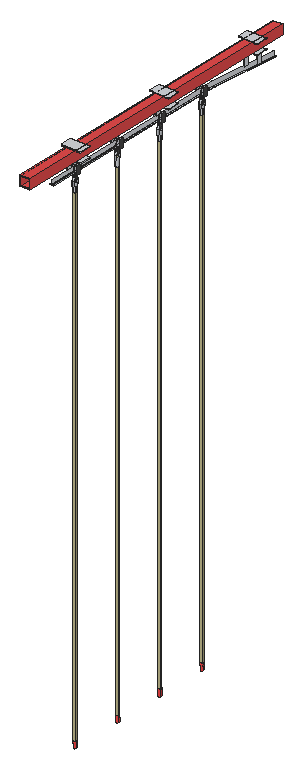
Revit family "Lodlinor", category Generic Models, Revit 2019
Family settings
  Can host rebar = No
  Round Connector Dimension = Use Diameter
  Part Type = Normal
  Work Plane-Based = No
  Always vertical = Yes
  Cut with Voids When Loaded = No
  Shared = No
  Room Calculation Point = No
Parameters (values of type "Saxi Lodlinor 4")
  langd_rep = Height - 590 mm  # 6410 mm
  beam_length = 4000 mm
  URL = "www.saxi.se"
  NO_ROPES = 4
  Model = "Saxi Lodlinor 4"
  Manufacturer = "Saxi Vägg AB"
  Length_straight = 2550 mm
  Height_to_wheel = Height - 120 mm  # 6880 mm
  Height = 7000 mm
  9 = no
  8 = no
  7 = no
  6 = no
  5 = no
  2 = no
  10 = no
Types (8, lengths in mm): name | beam_length | NO_ROPES | Model | Length_straight | 9 | 8 | 7 | 6 | 5 | 10
  (no name) | 4000 | 4 | "Saxi Lodlinor 4" | 2550 | no | no | no | no | no | no
  Saxi Lodlinor 4 | 4000 | 4 | "Saxi Lodlinor 4" | 2550 | no | no | no | no | no | no
  Saxi Lodlinor 5 | 4570 | 5 | "Saxi Lodlinor 5" | 3297 | no | no | no | no | yes | no
  Saxi Lodlinor 6 | 5000 | 6 | "Saxi Lodlinor 6" | 3947 | no | no | no | yes | no | no
  Saxi Lodlinor 7 | 5700 | 7 | "Saxi Lodlinor 7" | 4335 | no | no | yes | no | yes | no
  Saxi Lodlinor 8 | 6500 | 8 | "Saxi Lodlinor 8" | 5026 | no | yes | no | yes | no | no
  Saxi Lodlinor 9 | 7000 | 9 | "Saxi Lodlinor 9" | 5769 | yes | yes | no | yes | no | no
  Saxi Lodlinor 10 | 7500 | 10 | "Saxi Lodlinor 10" | 6366 | no | no | no | yes | no | yes
Reference planes
  plane 1 "Center (Front/Back)": y = 0
  plane 2: z = 0
  plane 3 "Center (Left/Right)": x = 0
Dimensions and locks
  locked: nested 3 to nested 1 at 95
  locked: plane 1 "Center (Front/Back)" to nested 3 at 60
  locked: nested 2 to nested 4 at 1400
  locked: nested 4 to nested 5 at 1000.14
  locked: nested 4 to nested 6 at 1400.264
  locked: nested 5 to nested 7 at 999.952
  locked: nested 6 to nested 8 at 1000.145
  locked: nested 8 to nested 9 at 999.717
  locked: nested 6 to nested 10 at 1399.884
  locked: nested 10 to nested 11 at 1000.092
  locked: nested 14 to level at 388.935
  locked: nested 16 to level at 388.935
  equal spacing: group 1, group 2, group 3, group 4  (x2)
  equal spacing: group 4, group 3, group 2, group 1
  aligned and locked: level to plane 2
  aligned and locked: nested 2 to nested 1
  aligned and locked: nested 4 to nested 1
  aligned and locked: nested 5 to nested 1
  aligned and locked: nested 6 to nested 1
  aligned and locked: nested 7 to nested 1
  aligned and locked: nested 8 to nested 1
  aligned and locked: nested 9 to nested 1
  aligned and locked: nested 10 to nested 1
  aligned and locked: nested 11 to nested 1
  aligned and locked: nested 12 to nested 1
Nested families
  nested 1: "takbalk" at (-60, 0, 7000), built-in parameter 1001364 <- "Height", type "takbalk"
  nested 2: "takskena_klam" at (0, -1675, 6925), type "takskena_klam"
  nested 3: "takskena" at (0, 114.892, 6845), type "takskena"
    with length_straight 2550 mm
  nested 4: "takskena_klam" at (0, -3075, 6925), type "takskena_klam"
  nested 5: "takskena_klam" at (0, -4075.14, 6925), visible <- "5", type "takskena_klam"
  nested 6: "takskena_klam" at (0, -4475.264, 6925), visible <- "6", type "takskena_klam"
  nested 7: "takskena_klam" at (0, -5075.091, 6925), visible <- "7", type "takskena_klam"
  nested 8: "takskena_klam" at (0, -5475.408, 6925), visible <- "8", type "takskena_klam"
  nested 9: "takskena_klam" at (0, -6475.126, 6925), visible <- "9", type "takskena_klam"
  nested 10: "takskena_klam" at (0, -5875.148, 6925), visible <- "10", type "takskena_klam"
  nested 11: "takskena_klam" at (0, -6875.24, 6925), visible <- "10", type "takskena_klam"
  nested 12: "takskena_klam_forsta" at (0, -275, 6925), type "takskena_klam_forsta"
  nested 13: "vagn_sammansatt" at (0, -1200, 6880), built-in parameter 1001364 <- "Height_to_wheel", type "vagn_sammansatt"
  nested 14: "rep" at (0, -1195, 300), type "rep"
    with langd_lina 6410 mm
  nested 15: "vagn_sammansatt" at (0, -1870, 6880), built-in parameter 1001364 <- "Height_to_wheel", type "vagn_sammansatt"
  nested 16: "rep" at (0, -1865, 300), type "rep"
    with langd_lina 6410 mm
  nested 17: "vagn_sammansatt" at (0, -2540, 6880), built-in parameter 1001364 <- "Height_to_wheel", type "vagn_sammansatt"
  nested 18: "rep" at (0, -2535, 300), type "rep"
    with langd_lina 6410 mm
  nested 19: "vagn_sammansatt" at (0, -3210, 6880), built-in parameter 1001364 <- "Height_to_wheel", type "vagn_sammansatt"
  nested 20: "rep" at (0, -3205, 300), type "rep"
    with langd_lina 6410 mm
Definition of nested family "takbalk"
  Parameters (values of type "takbalk")
    beam_length = 4000 mm
  Reference planes
    plane 1 "Center (Front/Back)": y = 0
    plane 2: z = 0
    plane 3 "Center (Left/Right)": x = 0
  Forms (mm)
    Extrusion 1, solid
      sketch origin (0, 0, 0) x (1, 0, 0) y (0, 0, 1)
        loop
          line (0, 0) -> (120, 0) -> (120, 120) -> (0, 120) -> (0, 0)
        loop
          line (4, 116) -> (4, 4) -> (116, 4) -> (116, 116) -> (4, 116)
      from 0 to 4000 <- "beam_length"
  Dimensions and locks
    aligned and locked: level to plane 2
Definition of nested family "takskena_klam"
  Reference planes
    plane 1 "Center (Front/Back)": y = 0
    plane 2: z = 0
    plane 3 "Center (Left/Right)": x = 0
    plane 4 "ovan": z = 195
  Forms (mm)
    Extrusion 1, solid
      sketch origin (0, 0, 0) x (1, 0, 0) y (0, 0, 1)
        loop
          line (-25, 70) -> (-25, 60) -> (25, 60) -> (25, 70) -> (-25, 70)
      from 0 to 250
    Extrusion 2, solid
      sketch origin (-21.321, 0, 70) x (1, 0, 0) y (0, 1, 0)
        loop
          arc (-91.679, -50) -> (-98.75, -52.929) -> (-101.679, -60) r 10
          line (-101.679, -60) -> (-101.679, -190)
          arc (-101.679, -190) -> (-98.75, -197.071) -> (-91.679, -200) r 10
          line (-91.679, -200) -> (134.321, -200)
          arc (134.321, -200) -> (141.392, -197.071) -> (144.321, -190) r 10
          line (144.321, -190) -> (144.321, -60)
          arc (144.321, -60) -> (141.392, -52.929) -> (134.321, -50) r 10
          line (134.321, -50) -> (-91.679, -50)
      from 0 to 5
    Extrusion 3, solid
      sketch origin (0, 0, 195) x (-1, 0, 0) y (0, -1, 0)
        loop
          line (-113, 50) -> (113, 50)
          arc (113, 50) -> (120.071, 52.929) -> (123, 60) r 10
          line (123, 60) -> (123, 190)
          arc (123, 190) -> (120.071, 197.071) -> (113, 200) r 10
          line (113, 200) -> (-113, 200)
          arc (-113, 200) -> (-120.071, 197.071) -> (-123, 190) r 10
          line (-123, 190) -> (-123, 60)
          arc (-123, 60) -> (-120.071, 52.929) -> (-113, 50) r 10
      from 0 to 5
    Extrusion 4, solid
      sketch origin (0, 0, 5.018) x (0, 1, 0) y (0, 0, 1)
        loop
          line (0, 60) -> (-50, 60) -> (-50, -25.018) -> (0, -25.018) -> (0, 60)
        loop
          line (-250, 60) -> (-250, -25.018) -> (-200, -25.018) -> (-200, 60) -> (-250, 60)
      from -5 to 5
  Dimensions and locks
    Extrusion 1 sketch curve to plane 3 "Center (Left/Right)" = 25 mm
    plane 3 "Center (Left/Right)" to Extrusion 1 sketch curve = 25 mm
    Extrusion 1 sketch curve to Extrusion 1 sketch curve = 10 mm
    locked: Extrusion 1 sketch curve to level at 70
    plane 3 "Center (Left/Right)" to Extrusion 2 sketch curve = 123 mm
    Extrusion 2 sketch curve to plane 3 "Center (Left/Right)" = 123 mm
    locked: Extrusion 2 sketch curve to Extrusion 2 sketch curve at 150
    Extrusion 2 sketch curve to plane 1 "Center (Front/Back)" = 50 mm
    Extrusion 1 to Extrusion 2 sketch curve = 50 mm
    plane 4 "ovan" to Extrusion 2 = 120 mm
    level to Extrusion 4 = 20 mm
    aligned and locked: level to plane 2
Definition of nested family "takskena"
  Parameters (values of type "takskena")
    length_straight = 2000 mm
  Reference planes
    plane 1 "Center (Front/Back)": y = 0
    plane 2: z = 0
    plane 3 "Center (Left/Right)": x = 0
  Forms (mm)
    Sweep 1, solid
      path origin (0, 0, 0) x (0, 1, 0) y (0, 0, 1)
        loop
          line (-3142.267, 0) -> (-1142.267, 0) -> (-179.986, -82)
      profile origin (0, -2142.267, 0) x (0, 0, 1) y (1, 0, 0)
        loop
          line (10, -3.5) -> (60, -3.5) -> (60, 3.5) -> (10, 3.5)
          arc (10, 3.5) -> (7.879, 4.379) -> (7, 6.5) r 3
          line (7, 6.5) -> (7, 25.5)
          arc (7, 25.5) -> (6.414, 26.914) -> (5, 27.5) r 2
          line (5, 27.5) -> (0, 27.5) -> (0, -27.5) -> (5, -27.5)
          arc (5, -27.5) -> (6.414, -26.914) -> (7, -25.5) r 2
          line (7, -25.5) -> (7, -6.5)
          arc (7, -6.5) -> (7.879, -4.379) -> (10, -3.5) r 3
  Dimensions and locks
    locked: Sweep 1 sketch curve to level at 82
    "length_straight": Sweep 1 sketch curve to Sweep 1 sketch curve
    aligned and locked: level to plane 2
  Automatic sketch dimensions
    Sweep 1 sketch curve to profile plane = 0 mm
    Sweep 1 sketch curve to Sweep 1 sketch curve = 5 mm
    Sweep 1 sketch curve to profile plane = 5 mm
    Sweep 1 sketch curve to profile plane = 7 mm
    Sweep 1 sketch curve to Sweep 1 sketch curve = 2 mm
    Sweep 1 sketch curve to Sweep 1 sketch curve = 3 mm  (x2)
    plane 3 "Center (Left/Right)" to Sweep 1 sketch curve = 3.5 mm
    Sweep 1 sketch curve to Sweep 1 sketch curve = 50 mm
    Sweep 1 sketch curve to plane 3 "Center (Left/Right)" = 3.5 mm
    Sweep 1 sketch curve to Sweep 1 sketch curve = 19 mm  (x2)
    Sweep 1 sketch curve to level = 0 mm
    plane 1 "Center (Front/Back)" to Sweep 1 sketch curve = 1142.267 mm
    plane 1 "Center (Front/Back)" to Sweep 1 sketch curve = 179.986 mm
Definition of nested family "takskena_klam_forsta"
  Reference planes
    plane 1 "Center (Front/Back)": y = 0
    plane 2: z = 0
    plane 3 "Center (Left/Right)": x = 0
    plane 4 "ovan": z = 195
  Forms (mm)
    Extrusion 1, solid
      sketch origin (0, 0, 0) x (1, 0, 0) y (0, 0, 1)
        loop
          line (-25, 70) -> (-25, 60) -> (25, 60) -> (25, 70) -> (-25, 70)
      from 0 to 250
    Extrusion 2, solid
      sketch origin (-21.321, 0, 70) x (1, 0, 0) y (0, 1, 0)
        loop
          arc (-91.679, -50) -> (-98.75, -52.929) -> (-101.679, -60) r 10
          line (-101.679, -60) -> (-101.679, -190)
          arc (-101.679, -190) -> (-98.75, -197.071) -> (-91.679, -200) r 10
          line (-91.679, -200) -> (134.321, -200)
          arc (134.321, -200) -> (141.392, -197.071) -> (144.321, -190) r 10
          line (144.321, -190) -> (144.321, -60)
          arc (144.321, -60) -> (141.392, -52.929) -> (134.321, -50) r 10
          line (134.321, -50) -> (-91.679, -50)
      from 0 to 5
    Extrusion 3, solid
      sketch origin (0, 0, 195) x (-1, 0, 0) y (0, -1, 0)
        loop
          line (-113, 50) -> (113, 50)
          arc (113, 50) -> (120.071, 52.929) -> (123, 60) r 10
          line (123, 60) -> (123, 190)
          arc (123, 190) -> (120.071, 197.071) -> (113, 200) r 10
          line (113, 200) -> (-113, 200)
          arc (-113, 200) -> (-120.071, 197.071) -> (-123, 190) r 10
          line (-123, 190) -> (-123, 60)
          arc (-123, 60) -> (-120.071, 52.929) -> (-113, 50) r 10
      from 0 to 5
    Extrusion 4, solid
      sketch origin (0, 0, 5.018) x (0, 1, 0) y (0, 0, 1)
        loop
          line (0, 60) -> (-50, 60) -> (-50, -145.018) -> (0, -145.018) -> (0, 60)
        loop
          line (-250, 60) -> (-250, -80.018) -> (-200, -80.018) -> (-200, 60) -> (-250, 60)
      from -5 to 5
  Dimensions and locks
    Extrusion 1 sketch curve to plane 3 "Center (Left/Right)" = 25 mm
    plane 3 "Center (Left/Right)" to Extrusion 1 sketch curve = 25 mm
    Extrusion 1 sketch curve to Extrusion 1 sketch curve = 10 mm
    locked: Extrusion 1 sketch curve to level at 70
    plane 3 "Center (Left/Right)" to Extrusion 2 sketch curve = 123 mm
    Extrusion 2 sketch curve to plane 3 "Center (Left/Right)" = 123 mm
    locked: Extrusion 2 sketch curve to Extrusion 2 sketch curve at 150
    Extrusion 2 sketch curve to plane 1 "Center (Front/Back)" = 50 mm
    Extrusion 1 to Extrusion 2 sketch curve = 50 mm
    plane 4 "ovan" to Extrusion 2 = 120 mm
    aligned and locked: level to plane 2
Definition of nested family "vagn_sammansatt"
  Reference planes
    plane 1 "Center (Front/Back)": y = 0
    plane 2: z = 0
    plane 3 "Center (Left/Right)": x = 0
  Forms (mm)
    Extrusion 1, solid
      sketch origin (0, 0, 0) x (1, 0, 0) y (0, 0, 1)
        loop
          line (-40.787, 45.673) -> (-48.787, 45.673) -> (-48.787, -65) -> (0, -65) -> (48.787, -65) -> (48.787, 45.673) -> (40.787, 45.673) -> (40.787, -57) -> (0, -57) -> (-40.787, -57) -> (-40.787, 45.673)
      from -25 to 25
    Extrusion 2, solid
      sketch origin (0, 0, 0) x (1, 0, 0) y (0, 0, 1)
        loop
          line (11, -80.965) -> (11, -142.965) -> (16, -142.965) -> (16, -80.965)
          arc (16, -80.965) -> (0, -64.965) -> (-16, -80.965) r 16
          line (-16, -80.965) -> (-16, -142.965) -> (-11, -142.965) -> (-11, -80.965)
          arc (-11, -80.965) -> (0, -69.965) -> (11, -80.965) r 11
      from -12.5 to 12.5
    Extrusion 3, solid
      sketch origin (-16, 0, -80.965) x (0, 0, -1) y (0, -1, 0)
        loop
          circle (47, -0.109) r 6.5
      from -37.134 to 5
  Cuts and joins
    joined: Extrusion 2, Extrusion 3
  Dimensions and locks
    plane 3 "Center (Left/Right)" to nested 1 = 27.5 mm
    locked: level to Extrusion 1 sketch curve at 57
    Extrusion 2 to Extrusion 3 sketch curve = 15 mm
    aligned and locked: level to plane 2
  Nested families
    nested 1: "hjul" at (9.5, 0, 0), type "hjul"
    nested 2: "hjul" at (-9.5, 0, 0) x (-1, 0, 0) z (0, 0, 1), type "hjul"
  Definition of nested family "hjul"
    Reference planes
      plane 1 "Center (Front/Back)": y = 0
      plane 2: z = 0
      plane 3 "Center (Left/Right)": x = 0
    Forms (mm)
      Revolve 1, solid
        sketch origin (0, 0, 0) x (1, 0, 0) y (0, 1, 0)
          loop
            line (0, 30) -> (0, 0) -> (27, 0) -> (27, 50) -> (18, 50) -> (18, 30) -> (0, 30)
          axis (0, 0) -> (27, 0)
        angle from 0 to 360
    Dimensions and locks
      Revolve 1 sketch curve to Revolve 1 sketch curve = 30 mm
      aligned and locked: level to plane 2
Definition of nested family "rep"
  Parameters (values of type "rep")
    langd_lina = 7000 mm
  Reference planes
    plane 1 "Center (Front/Back)": y = 0
    plane 2: z = 0
    plane 3 "Center (Left/Right)": x = 0
    plane 4 "a": z = 88.935
    plane 5 "v": z = 7000
  Forms (mm)
    Sweep 1, solid
      path origin (0, 0, 0) x (0, 1, 0) y (0, 0, 1)
        loop
          line (0, 0) -> (-4.71, 89.877)
      profile origin (0, -2.355, 44.938) x (0, -0.99863, -0.052336) y (1, 0, 0)
        loop
          circle (0, 0) r 18
    Extrusion 2, solid
      sketch origin (0, -2.5, 88.935) x (-1, 0, 0) y (0, -1, 0)
        loop
          circle (0, 2.285) r 17
      from 0 to 6911.065
    Extrusion 3, solid
      sketch origin (0, 0, 7000) x (0, 1, 0) y (-1, 0, 0)
        loop
          circle (-4.914, 0) r 20
        loop
          circle (-4.914, 0) r 19
      from -100 to 0
    Sweep 4, solid
      path origin (0, 0, 0) x (0, 1, 0) y (0, 0, 1)
        loop
          line (-33.241, 6972.5) -> (-33.241, 7032.5)
          arc (-33.241, 7032.5) -> (-4.928, 7060.813) -> (23.384, 7032.5) r 28.312
          line (23.384, 7032.5) -> (23.384, 6972.5)
      profile origin (0, -33.241, 7002.5) x (0, -1, 0) y (1, 0, 0)
        loop
          circle (0, 0) r 8
  Dimensions and locks
    "langd_lina": plane 5 "v" to plane 2
    plane 5 "v" to Sweep 4 sketch curve = 27.5 mm
    aligned and locked: level to plane 2
    aligned and locked: plane 5 "v" to Extrusion 2
  Automatic sketch dimensions
    Sweep 1 sketch curve to level = 0 mm
    Sweep 1 sketch curve to plane 1 "Center (Front/Back)" = 0 mm
    Sweep 1 sketch curve to plane 4 "a" = 0.942 mm
    plane 1 "Center (Front/Back)" to Sweep 1 sketch curve = 4.71 mm
    Sweep 1 sketch curve to plane 3 "Center (Left/Right)" = 0 mm
    Sweep 1 sketch curve to profile plane = 0 mm
    Extrusion 2 sketch curve to plane 3 "Center (Left/Right)" = 0 mm
    plane 1 "Center (Front/Back)" to Extrusion 2 sketch curve = 4.785 mm
    Extrusion 3 sketch curve to plane 3 "Center (Left/Right)" = 0 mm
    plane 1 "Center (Front/Back)" to Extrusion 3 sketch curve = 4.914 mm
    Extrusion 3 sketch curve to Extrusion 3 sketch curve = 0 mm  (x2)
    plane 1 "Center (Front/Back)" to Sweep 4 sketch curve = 4.928 mm
    plane 5 "v" to Sweep 4 sketch curve = 32.5 mm
    Sweep 4 sketch curve to plane 1 "Center (Front/Back)" = 23.384 mm
    Sweep 4 sketch curve to plane 5 "v" = 27.5 mm
    Sweep 4 sketch curve to plane 3 "Center (Left/Right)" = 0 mm
    Sweep 4 sketch curve to profile plane = 0 mm
    radius of Sweep 1 sketch curve = 18 mm
    radius of Extrusion 2 sketch curve = 17 mm
    radius of Extrusion 3 sketch curve = 20 mm
    radius of Extrusion 3 sketch curve = 19 mm
    radius of Sweep 4 sketch curve = 8 mm
